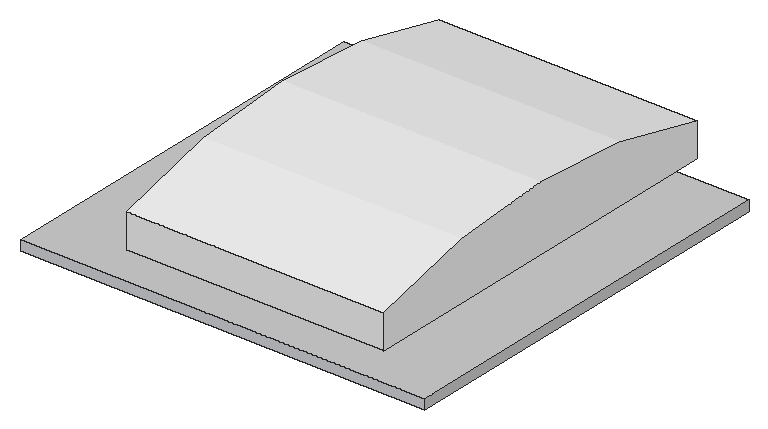
Revit family "PRESTO 1000 A Cromo Mate", category Aparatos sanitarios, Revit 2015
Parameters (values of type "19501")
  URL = "http://www.prestoiberica.com/inodoro/temporizada-clasica/presto-1000?c=es"
  Teléfono = "(+34) 915 782 575"
  TIPO DE AGUA = ""
  REFERENCIA = "19501"
  Presión Máxima = ""
  PESO BRUTO = "1.550 Kg"
  Modelo = "PRESTO 1000 A"
  Material = Presto Ibérica: CROMO BRILLO
  Imagen de tipo = <Ninguno>
  Fabricante = "PRESTO IBÉRICA"
  Default Elevation = 1219.2 mm
  ENTRADA = "Macho 1\""
  Descripción = "Fluxor temporizado para encastrar con cuerpo de latón y caja de empotrar con protección antioxidante. Dispositivo antiSifónico incorporado. Pistón intercambiable."
  Código de montaje = "C1030220"
  Contacto = "info@prestoiberica.com"
  Conexión AF = yes
  Conexión AC = yes
  Comentarios de tipo = "◦Suministrado con arandela, tuerca racor de salida y junta americana para tubo de Ø 28 mm\r\n◦Dispositivo antiSifónico incorporado\r\n◦Presión dinámica mínima que necesita a la entrada el fluxor: 0,900 bar\r\n◦Pistón intercambiable que comprende todo el mecanismo del fluxor\r\n◦Apertura por pulsador\r\n◦Caja de empotrar y placa de fijación intermedia fabricadas con protección antioxidante\r\n◦Pulsador y tapa en ABS pintado o cromado\r\n◦Cuerpo del fluxor en latón niquelado con piezas interiores en materiales resistentes a la corrosión y a las incrustaciones calcáreas."
  CIERRE = "Automátiaco a los 7 seg"
  CAUDAL = "1.2 L/Min"
  Accionamiento = "Por pulsador"
Reference planes
  plane 1 "Centro (Frontal/Posterior)": y = 0
  plane 2: z = 0
  plane 3 "Centro (Izquierda/Derecha)": x = 0
Forms (mm)
  Extrusion 1, solid
    sketch origin (0, 0, 0) x (1, 0, 0) y (0, 1, 0)
      loop
        line (-100, 100) -> (-100, -100) -> (100, -100) -> (100, 100) -> (-100, 100)
    from 0 to -5
  Extrusion 2, solid, material "Presto Ibérica: CROMADO MATE"
    sketch origin (5, 16.25, 0) x (0, 1, 0) y (0, 0, 1)
      loop
        line (-96.519, 0) -> (96.519, 0) -> (96.519, 16.848)
        arc (96.519, 16.848) -> (0, 32.487) -> (-96.519, 16.848) r 305.666
        line (-96.519, 16.848) -> (-96.519, 0)
    from -68.211 to 59.21
Dimensions and locks
  Extrusion 1 sketch curve to plane 1 "Centro (Frontal/Posterior)" = 100 mm
  aligned and locked: plane 2 to Extrusion 1
  aligned and locked: level to Extrusion 1
Connectors
  piping at (86.3, -0.25, -44.537), diameter 25.4
    settings: on import instance, index 1, connector inside diameter 609.6 mm, connector length 0 mm, flow factor 0, pipe flow 0.0 L/s, pressure drop 0.0 Pa, fitting loss kfactor 0, connector angle 0.00°, fixture units 0, engagement length 0 mm, angle of deflection 0.00°, flow configuration 0, flow direction 1, fitting loss method 0, system type 20, joint type 0, gender type 0, connector reference index -1, connector utility 0, adjustable connector no, is connector primary yes, connector description ""
